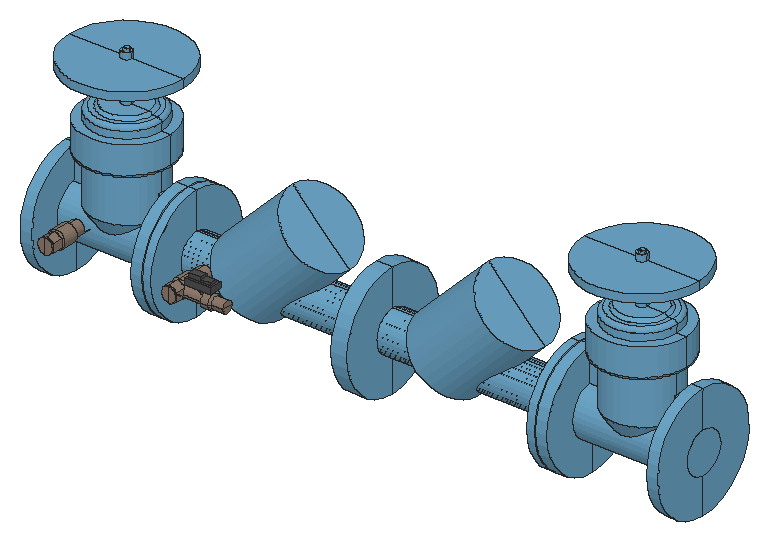
Revit family "Double_Check_Valve_Assembly-Backflow_Prevention-WATTS-LF709_Series (1)", category Pipe Accessories, Revit 2019
Family settings
  Round Connector Dimension = Use Radius
  Part Type = Valve - Breaks Into
  OmniClass Number = 23.65.55.14.21
  OmniClass Title = Non-Return Valves for Liquid Services
  Work Plane-Based = No
  Always vertical = Yes
  Cut with Voids When Loaded = No
  Shared = Yes
Parameters (values of type "LF709NRS-IOT-2.5"")
  Width = 6 5/8"
  Warranty Information = "1 Year (Limited)"
  URL = "http://www.watts.com"
  Strainer Diameter = 4 21/32"
  R - Test Cock Dist. from Center = 4"
  OSY Shutoff Valve = Gate_Valves-Flanged-WATTS-408-OSY-RW_Series : 408-OSYRW 2-1/2"
  OSY = no
  NRS Shutoff Valve = Gate_Valves-WATTS-405-NRS-RW_Series : 405-NRS-RW-2-1/2
  Revised Date = "3/17/16"  # constant formula
  Region = "North America"  # constant formula
  Product data url = "https://bimobject.com/watts/product/7208"
  Product Page URL = "http://www.watts.com/pages/_products_details.asp?pid=7208"
  Product Documentation Link = "https://www.watts.com/dfsmedia/0533dbba17714b1ab581ab07a4cbb521/20396-source/es-lf709l-pdf"
  Price = "Prices may vary. Please consult Manufacturer Representative for most up-to-date price list."  # constant formula
  Nominal Width = 2 3/4"
  Nominal Diameter = 4 243/256"
  NRS = yes
  N - Strainer Height = 10"
  Model = "LF709"  # constant formula
  Max. Working Pressure = "175psi (12.1 bar)"  # constant formula
  Material = "Metal-WATTS-Epoxy Coated Cast Iron"  # constant formula
  Manufacturer Product Line = "Backflow Prevention"  # constant formula
  Manufacturer = "WATTS"
  M - Strainer Length = 10"
  L - Nominal Length = 24 1/8"
  IOT = yes
  D - Radius = 3 1/2"
  C - Height = 9 3/8"
  A - Length = 39 3/8"
  Inlet Radius = 1 1/4"
  Description = "Series LF709 Lead Free* Double Check Valve Assemblies prevent the reverse flow of polluted water from entering into the potable water supply.  It has a modular check design for easy maintenance and epoxy coated (FDA approved) cast iron body construction. Series LF709 is ideal at referenced cross-connections identified in non-health hazard applications. The LF709 features Lead Free* construction to comply with Lead Free* installation requirements.  Maximum Working Pressure: 175psi (12.06 bar)."  # constant formula
  Cylinder Height = 3"
  Creation Date = "2/5/2014"  # constant formula
  Country = "United States"  # constant formula
  Connection Type = "Flanged Connections"  # constant formula
  Connection Size = Cold Water Connection Radius * 2  # 2 1/2"
  Cold Water Connection Radius = 1 1/4"
  Check Valve Diameter = 1"
  CW Connection = yes
  Assembly Code = "F1050"
Reference planes (in)
  plane 1 "Center (Front/Back)": y = 0
  plane 2: z = 0
  plane 3 "Center (Left/Right)": x = 0
  plane 4: z = 1.25
  plane 5: x = -19.6875
  plane 6: x = 19.6875
  plane 7: x = -12.0625
  plane 8: x = 12.0625
  plane 9: z = 3.5
  plane 10: z = 9.375
  plane 11: x = -5.65625
  plane 12: x = -9.8125
  plane 13: x = -1.5
  plane 14: x = 2.25
  plane 15: x = 10.5625
  plane 16: x = 6.40625
  plane 17: x = -29.6875
  plane 18: z = 1.75
  plane 19: z = 1.75
  plane 20: z = -10
  plane 21: y = 3.3125
  plane 22: y = -3.3125
  plane 23: x = -29.6875
  plane 24: x = -19.6875
  plane 25: x = -9.84375
  plane 26: x = 0
  plane 27: x = 9.84375
  plane 28: x = 19.6875
  plane 29: y = -1.98463
  plane 30: y = 1.98463
  plane 31: x = -15.875
  plane 32: x = 15.875
  plane 33: x = -11.5625
  plane 34: x = 11.5625
  plane 35: x = -0.5
  plane 36: x = 0.5
  plane 37: z = 1.25
  plane 38: y = -4
  plane 39: x = -10.0625
  plane 40: x = -17.6875
Forms (in)
  Revolve 1, solid, material "Metal-WATTS-Cast Iron"
    sketch origin (0, 0, 0) x (1, 0, 0) y (0, 0, 1)
      loop
        line (-9.8125, 1.75) -> (-8.0625, 0) -> (-3.90625, 4.15625) -> (-5.65625, 5.90625) -> (-9.8125, 1.75)
      axis (-8.0625, 0) -> (-3.90625, 4.15625)
    angle from 0 to 360
  Revolve 2, solid, material "Metal-WATTS-Cast Iron"
    sketch origin (0, 0, 0) x (1, 0, 0) y (0, 0, 1)
      loop
        line (2.25, 1.75) -> (4, 0) -> (8.15625, 4.15625) -> (6.40625, 5.90625) -> (2.25, 1.75)
      axis (4, 0) -> (8.15625, 4.15625)
    angle from 0 to 360
  Revolve 3, solid, material "Metal-WATTS-Cast Iron"
    sketch origin (0, 0, 0) x (1, 0, 0) y (0, 0, 1)
      loop
        line (-12.0625, 3.5) -> (-12.0625, 0) -> (12.0625, 0) -> (12.0625, 3.5) -> (11.5625, 3.5) -> (11.5625, 1.25) -> (0.5, 1.25) -> (0.5, 3.5) -> (-0.5, 3.5) -> (-0.5, 1.25) -> (-11.5625, 1.25) -> (-11.5625, 3.5) -> (-12.0625, 3.5)
      axis (12.0625, 0) -> (-12.0625, 0)
    angle from 0 to 360
  Extrusion 4, solid, material "Metal-WATTS-Cast Iron"
    sketch origin (0, 0, 0) x (0, 1, 0) y (0, 0, 1)
      loop
        circle (0, 0) r 1.25
    from -19.6875 to 19.6875
Dimensions and locks (in)
  "A - Length": plane 6 to plane 5
  equal spacing: plane 6, plane 3 "Center (Left/Right)", plane 5
  "L - Nominal Length": plane 8 to plane 7
  equal spacing: plane 8, plane 3 "Center (Left/Right)", plane 7
  "D - Radius": plane 9 to level
  "C - Height": plane 10 to level
  "Inlet Radius": plane 4 to level
  locked: plane 12 to plane 7 at 2.25
  locked: plane 13 to plane 3 "Center (Left/Right)" at 1.5
  equal spacing: plane 13, plane 11, plane 12
  locked: plane 14 to plane 3 "Center (Left/Right)" at 2.25
  locked: plane 8 to plane 15 at 1.5
  equal spacing: plane 15, plane 16, plane 14
  "M - Strainer Length": plane 5 to plane 17
  locked: plane 18 to plane 4 at 0.5
  locked: plane 19 to plane 4 at 0.5
  "N - Strainer Height": level to plane 20
  "Width": plane 21 to plane 22
  equal spacing: plane 21, plane 1 "Center (Front/Back)", plane 22
  locked: plane 23 to plane 24 at 10
  locked: plane 24 to plane 25 at 9.84375
  locked: plane 25 to plane 26 at 9.84375
  locked: plane 26 to plane 27 at 9.84375
  locked: plane 27 to plane 28 at 9.84375
  equal spacing: plane 8, plane 32, plane 6
  equal spacing: plane 7, plane 31, plane 5
  locked: plane 33 to plane 7 at 0.5
  locked: plane 34 to plane 8 at 0.5
  locked: plane 35 to plane 26 at 0.5
  locked: plane 36 to plane 26 at 0.5
  "Inlet Radius": plane 37 to plane 2
  "R - Test Cock Dist. from Center": plane 38 to plane 1 "Center (Front/Back)"
  locked: plane 39 to plane 7 at 2
  locked: plane 40 to plane 5 at 2
  "Inlet Radius": radius of Extrusion 4 sketch curve
  locked: level to Revolve 1 sketch curve (angle 45.00°)
  locked: level to Revolve 2 sketch curve (angle 45.00°)
  aligned and locked: plane 18 to Revolve 1 sketch curve
  aligned and locked: plane 12 to Revolve 1 sketch curve
  aligned and locked: plane 11 to Revolve 1 sketch curve
  aligned and locked: level to Revolve 1 sketch curve
  aligned and locked: Revolve 1 sketch curve to Revolve 1 sketch curve
  aligned and locked: plane 14 to Revolve 2 sketch curve
  aligned and locked: level to Revolve 2 sketch curve
  aligned and locked: Revolve 2 sketch curve to Revolve 2 sketch curve
  aligned and locked: plane 26 to plane 3 "Center (Left/Right)"
  aligned and locked: plane 2 to nested 1
  aligned and locked: plane 1 "Center (Front/Back)" to nested 1
  aligned and locked: plane 1 "Center (Front/Back)" to nested 2
  aligned and locked: plane 2 to nested 2
  aligned and locked: plane 31 to nested 1
  aligned and locked: plane 32 to nested 2
  aligned and locked: plane 2 to nested 3
  aligned and locked: plane 1 "Center (Front/Back)" to nested 3
  aligned and locked: nested 4 to plane 2
  aligned and locked: nested 4 to plane 1 "Center (Front/Back)"
  aligned and locked: plane 31 to nested 3
  aligned and locked: plane 32 to nested 4
  aligned and locked: level to Revolve 3 sketch curve
  aligned and locked: Revolve 3 sketch curve to plane 2
  aligned and locked: Revolve 3 sketch curve to plane 7
  aligned and locked: Revolve 3 sketch curve to plane 8
  aligned and locked: Revolve 3 sketch curve to plane 33
  aligned and locked: plane 34 to Revolve 3 sketch curve
  aligned and locked: Revolve 3 sketch curve to plane 35
  aligned and locked: plane 36 to Revolve 3 sketch curve
  aligned and locked: Revolve 3 sketch curve to plane 37  (x2)
  aligned and locked: Revolve 3 sketch curve to plane 9  (x2)
  aligned and locked: plane 9 to Revolve 3 sketch curve
  aligned and locked: plane 2 to Extrusion 4 sketch curve
  aligned and locked: plane 1 "Center (Front/Back)" to Extrusion 4 sketch curve
  aligned and locked: Extrusion 4 to plane 5
  aligned and locked: Extrusion 4 to plane 6
  aligned and locked: plane 1 "Center (Front/Back)" to nested 5
  aligned and locked: nested 6 to plane 38
  aligned and locked: nested 6 to plane 40
  aligned and locked: nested 5 to plane 39
Automatic sketch dimensions
  plane 12 to Revolve 1 sketch curve = 0.75305"
  Revolve 2 sketch curve to plane 16 = 0"
  Revolve 2 sketch curve to plane 19 = 0"
  plane 14 to Revolve 2 sketch curve = 0.68934"
  Revolve 3 sketch curve to plane 5 = 5"
  Revolve 3 sketch curve to plane 17 = 11"
Nested families (in)
  nested 1: "Gate_Valves-WATTS-405-NRS-RW_Series" at (-15.875, 0, 0), type <- "NRS Shutoff Valve", visible <- "NRS", NRS <- "NRS", type "405-NRS-RW-2-1/2"
    with NRS yes
  nested 2: "Gate_Valves-WATTS-405-NRS-RW_Series" at (15.875, 0, 0), type <- "NRS Shutoff Valve", visible <- "NRS", NRS <- "NRS", type "405-NRS-RW-2-1/2"
    with NRS yes
  nested 3: "Gate_Valves-Flanged-WATTS-408-OSY-RW_Series" at (-15.875, 0, 0), type <- "OSY Shutoff Valve", visible <- "OSY", OSY <- "OSY", type "408-OSYRW 2-1/2""
    with OSY no
  nested 4: "Gate_Valves-Flanged-WATTS-408-OSY-RW_Series" at (15.875, 0, 0) x (-1, 0, 0) z (0, 0, 1), type <- "OSY Shutoff Valve", visible <- "OSY", OSY <- "OSY", type "408-OSYRW 2-1/2""
    with OSY no
  nested 5: "Test Cock (Horizontal) with Pressure Sensor" at (-10.0625, 0, 0) x (0, -1, 0) z (0, 0, 1), Length <- "R - Test Cock Dist. from Center", type "Test Cock (Horizontal) with Pressure Sensor"
    with Length 4"
  nested 6: "Test Cock (Horizontal)" at (-17.6875, 0, 0) x (0, -1, 0) z (0, 0, 1), Length <- "R - Test Cock Dist. from Center", type "Test Cock (Horizontal)"
    with Length 4"
Connectors (in)
  piping at (19.6875, 0, 0), diameter 2.5, driven by "Inlet Radius"
    settings: on Extrusion 4, index 1, connector inside diameter 24", connector length 0", flow factor 0, pipe flow 0 GPM, pressure drop 0.00 psi, fitting loss kfactor 0, connector angle 0.00°, fixture units 0, engagement length 0", angle of deflection 0.00°, flow configuration 0, flow direction 2, fitting loss method 0, system type 29, joint type 0, gender type 0, connector reference index 2, connector utility 0, adjustable connector no, is connector primary yes, connector description "Outlet Connection"
  piping at (-19.6875, 0, 0), diameter 2.5, driven by "Inlet Radius"
    settings: on Extrusion 4, index 2, connector inside diameter 24", connector length 0", flow factor 0, pipe flow 0 GPM, pressure drop 0.00 psi, fitting loss kfactor 0, connector angle 0.00°, fixture units 0, engagement length 0", angle of deflection 0.00°, flow configuration 0, flow direction 1, fitting loss method 0, system type 29, joint type 0, gender type 0, connector reference index 1, connector utility 0, adjustable connector no, is connector primary no, connector description "Inlet Connection"
Definition of nested family "Gate_Valves-WATTS-405-NRS-RW_Series"
  Parameters (values of type "405-NRS-RW-10")
    Warranty Information = "1 Year (Limited)"  # constant formula
    Region = "North America"  # constant formula
    Product data url = "https://bimobject.com/watts/product/NRS-Flanged-Gate-Valves-405-NRS-RW"
    Product Page URL = "https://www.watts.com/products/plumbing-flow-control-solutions/shutoff-valves/gate-valves/405-nrs-rw"
    Product Guid = "3af36359-f991-47c2-af3f-8f932cc5cb70"
    Product Documentation Link = "https://www.watts.com/dfsmedia/0533dbba17714b1ab581ab07a4cbb521/20237-source"
    NRS [instance] = yes
    Maximum Temperature = "140°F (60°C)"  # constant formula
    Max. Working Pressure = "200psi (14 bar) CWP"  # constant formula
    Material = "Metal-Watts-Cast Iron"  # constant formula
    Manufacturer Product Line = "Water Safety & Flow Control"  # constant formula
    Edition number = 1
    Connection Type = "Flanged"  # constant formula
    Connection Outlet Description = "10\" Outlet Flanged Connection"
    Connection Inlet Description = "10\" Inlet Flanged Connection"
    Body Width X = (Width Inlet to Outlet L / 2) - (1.5 * Flange Thickness T)  # 4 23/32"
    Hand Wheel W = 12 7/16"
    URL = "http://www.watts.com"
    Flange Thickness T = 1 3/16"
    Size Radius = Size Diameter / 2  # 5"
    Size Diameter = 10"
    Stem Width S = 1 1/4"
    Revised Date = "02/04/2019"  # constant formula
    Model = "405-NRS-RW-10"
    Manufacturer = "WATTS"  # constant formula
    Width Inlet to Outlet L = 13"
    Center To Top H = 23 13/16"
    Description = "Series 405-NRS-RW Non-Rising Stem, Resilient Wedge, Flanged Gate Valves Sizes 2\" – 12\" (50 – 300mm) – Epoxy Coated Series 405-NRS-RW Non-Rising Stem Resilient Wedge Gate Valves are available in sizes 2\"-12\" (50-300mm) flanged by flanged and 21 /2\"-10\" (65-250mm) flanged by grooved configurations. The valve body is epoxy coated internally and externally. The valve is operated by a Handwheel or a valve key. The resilient wedge disc design offers both positive seating and resistance against high differential pressure. The Series 405-NRS-RW is best suited for ervice in either the fully open or closed position but is suitable for use as a throttling valve. This series is recommended for irrigation, potable water, water distribution service, feed lines and sewage disposal facilities."
    Flange Diameter D = 16"
    Assembly Code = "D2020300"
  Types (8): name | Connection Outlet Description | Connection Inlet Description | Body Width X | Hand Wheel W | Flange Thickness T | Size Radius | Size Diameter | Stem Width S | Model | Width Inlet to Outlet L | Center To Top H | Flange Diameter D
    405-NRS-RW-2 | "2\" Outlet Flanged Connection" | "2\" Inlet Flanged Connection" | 2 9/16" | 7 1/16" | 5/8" | 1" | 2" | 5/8" | "405-NRS-RW-2" | 7" | 7 15/16" | 6"
    405-NRS-RW-3 | "3\" Outlet Flanged Connection" | "3\" Inlet Flanged Connection" | 2 7/8" | 7 7/8" | 3/4" | 1 1/2" | 3" | 11/16" | "405-NRS-RW-3" | 8" | 10 1/4" | 7 1/2"
    405-NRS-RW-4 | "4\" Outlet Flanged Connection" | "4\" Inlet Flanged Connection" | 3 3/32" | 8 13/16" | 15/16" | 2" | 4" | 13/16" | "405-NRS-RW-4" | 9" | 12 3/16" | 9"
    405-NRS-RW-6 | "6\" Outlet Flanged Connection" | "6\" Inlet Flanged Connection" | 3 3/4" | 11" | 1" | 3" | 6" | 15/16" | "405-NRS-RW-6" | 10 1/2" | 16" | 11"
    405-NRS-RW-8 | "8\" Outlet Flanged Connection" | "8\" Inlet Flanged Connection" | 4 1/16" | 11" | 1 1/8" | 4" | 8" | 1" | "405-NRS-RW-8" | 11 1/2" | 19 15/16" | 13 1/2"
    405-NRS-RW-10 | "10\" Outlet Flanged Connection" | "10\" Inlet Flanged Connection" | 4 23/32" | 12 7/16" | 1 3/16" | 5" | 10" | 1 1/4" | "405-NRS-RW-10" | 13" | 23 13/16" | 16"
    405-NRS-RW-12 | "12\" Outlet Flanged Connection" | "12\" Inlet Flanged Connection" | 5 1/8" | 14" | 1 1/4" | 6" | 12" | 1 1/4" | "405-NRS-RW-12" | 14" | 28 3/16" | 19"
    405-NRS-RW-2-1/2 | "2 1/2\" Outlet Flanged Connection" | "2 1/2\" Inlet Flanged Connection" | 2 23/32" | 7 1/16" | 11/16" | 1 1/4" | 2 1/2" | 5/8" | "405-NRS-RW-2" | 7 1/2" | 9 3/8" | 7"
  Reference planes (in)
    plane 1 "Center (Front/Back)": y = 0
    plane 2: z = 0
    plane 3 "Center (Left/Right)": x = 0
    plane 4: z = -8
    plane 5: z = 8
    plane 6 "Top": z = 23.8125
    plane 7: z = 5
    plane 8: z = -5
    plane 9: x = 6.5
    plane 10: x = -6.5
    plane 11: x = -5.3125
    plane 12: x = 5.3125
    plane 13: x = 0.625
    plane 14: x = -0.625
    plane 15: x = 6.21875
    plane 16: x = -6.21875
    plane 17: x = -4.71875
    plane 18: z = 9.1875
    plane 19: y = 5
    plane 20: y = -5
    plane 21: z = 0
    plane 22: x = 0
  Forms (in)
    Revolve 1, solid, visible <- "NRS"
      sketch origin (0, 0, 0) x (1, 0, 0) y (0, 0, 1)
        loop
          line (-6.5, -8) -> (-5.3125, -8) -> (-5.3125, -5.3125) -> (5.3125, -5.3125) -> (5.3125, -8) -> (6.5, -8) -> (6.5, -5) -> (-6.5, -5) -> (-6.5, -8)
        axis (-6.5, 0) -> (6.5, 0)
      angle from 0 to 360
    Revolve 2, solid, visible <- "NRS"
      sketch origin (0, 0, 0) x (1, 0, 0) y (0, 0, 1)
        loop
          line (-4.15625, 9.1875) -> (-4.15625, 5) -> (-1.6554, 0) -> (0, 0) -> (0, 24.28469) -> (-0.47972, 24.28469) -> (-0.47972, 24.14964) -> (-0.625, 24.14964) -> (-0.625, 23.8125) -> (-6.21875, 23.8125) -> (-6.21875, 23.31555) -> (-0.625, 23.31555) -> (-0.625, 11.86491) -> (-3.41017, 11.86491) -> (-3.58695, 11.68813) -> (-3.89945, 11.68813)
          arc (-3.89945, 11.68813) -> (-4.07622, 11.61491) -> (-4.14945, 11.43813) r 0.25
          line (-4.14945, 11.43813) -> (-4.14945, 11.00452) -> (-4.71875, 11.00452) -> (-4.71875, 9.3125)
          arc (-4.71875, 9.3125) -> (-4.68214, 9.22411) -> (-4.59375, 9.1875) r 0.125
          line (-4.59375, 9.1875) -> (-4.15625, 9.1875)
        axis (0, 24.28469) -> (0, 0)
      angle from 0 to 360
    Extrusion 3, solid, visible <- "NRS"
      sketch origin (0, 0.25, 0) x (1, 0, 0) y (0, 0, 1)
        loop
          line (-5.3125, 5) -> (5.3125, 5) -> (5.3125, 7.16204) -> (-5.3125, 7.16204) -> (-5.3125, 5)
      from 0 to 0.5
  Lines and regions (in)
    Masking region 1, detail levels fine
      outline origin (0, 0, 23.8125) x (-1, 0, 0) y (0, -1, 0)
        loop
          line (6.5, -8) -> (6.5, 8) -> (5.3125, 8) -> (5.3125, 5.3125) -> (-5.3125, 5.3125) -> (-5.3125, 8) -> (-6.5, 8) -> (-6.5, -8) -> (-5.3125, -8) -> (-5.3125, -5.31384) -> (5.3125, -5.31384) -> (5.3125, -8) -> (6.5, -8)
    Masking region 2, detail levels fine
      outline origin (0, 0, 23.8125) x (-1, 0, 0) y (0, -1, 0)
        loop
          circle (0, 0) r 6.21875
    model lines, visible <- "NRS", detail levels coarse+medium
      curve 1: line (-6.5, 0, 0) -> (-1.35946, 0, 0)
      curve 2: line (1.35946, 0, 0) -> (6.5, 0, 0)
      curve 3: line (-6.5, 1, 0) -> (-6.5, -1, 0)
      curve 4: line (6.5, 1, 0) -> (6.5, -1, 0)
      curve 5: line (0, 0, 0) -> (-1.35946, 0.63393, 0)
      curve 6: line (0, 0, 0) -> (-1.35946, -0.63393, 0)
      curve 7: line (-1.35946, 0.63393, 0) -> (-1.35946, -0.63393, 0)
      curve 8: line (0, 0, 0) -> (1.35946, 0.63393, 0)
      curve 9: line (0, 0, 0) -> (1.35946, -0.63393, 0)
      curve 10: line (1.35946, 0.63393, 0) -> (1.35946, -0.63393, 0)
      curve 11: line (0, 0, 0) -> (0, 1, 0)
      curve 12: line (-0.5, 1, 0) -> (0.5, 1, 0)
      curve 13: arc (-0.5, 1, 0) -> (0, 1.5, 0) -> (0.5, 1, 0) r 0.5
  Dimensions and locks (in)
    "Hand Wheel W": plane 16 to plane 15
    "Center To Top H": plane 6 "Top" to level
    "Stem Width S": plane 14 to plane 13
    equal spacing: plane 10, plane 3 "Center (Left/Right)", plane 9
    "Flange Thickness T": plane 10 to plane 11
    "Flange Thickness T": plane 9 to plane 12
    "Flange Diameter D": plane 5 to plane 4
    equal spacing: plane 5, level, plane 4
    "Width Inlet to Outlet L": plane 10 to plane 9
    equal spacing: plane 16, plane 3 "Center (Left/Right)", plane 15
    "Size Diameter": plane 7 to plane 8
    "Body Width X": plane 3 "Center (Left/Right)" to plane 17
    "Flange Thickness T": plane 18 to plane 5
    equal spacing: plane 7, plane 2, plane 8
    equal spacing: plane 14, plane 3 "Center (Left/Right)", plane 13
    equal spacing: Masking region 1 sketch curve, plane 1 "Center (Front/Back)", Masking region 1 sketch curve
    "Flange Diameter D": Masking region 1 sketch curve to Masking region 1 sketch curve
    locked: plane 20 to Masking region 1 sketch curve at 0.3125
    locked: Masking region 1 sketch curve to plane 19 at 0.31384
    "Size Radius": plane 1 "Center (Front/Back)" to plane 20
    equal spacing: plane 19, plane 1 "Center (Front/Back)", plane 20
    aligned and locked: Revolve 1 sketch curve to plane 2
    aligned and locked: Revolve 1 sketch curve to plane 8
    aligned and locked: plane 4 to Revolve 1 sketch curve
    aligned and locked: plane 11 to Revolve 1 sketch curve
    aligned and locked: plane 12 to Revolve 1 sketch curve
    aligned and locked: Revolve 1 sketch curve to plane 4
    aligned and locked: Revolve 1 sketch curve to plane 9
    aligned and locked: Revolve 1 sketch curve to plane 10
    aligned and locked: plane 14 to Revolve 2 sketch curve  (x2)
    aligned and locked: Revolve 2 sketch curve to plane 6 "Top"
    aligned and locked: plane 16 to Revolve 2 sketch curve
    aligned and locked: plane 2 to Revolve 2 sketch curve
    aligned and locked: plane 11 to Extrusion 3 sketch curve
    aligned and locked: Extrusion 3 sketch curve to plane 7
    aligned and locked: Extrusion 3 sketch curve to plane 12
    aligned and locked: plane 17 to Revolve 2 sketch curve
    aligned and locked: plane 18 to Revolve 2 sketch curve
    aligned and locked: curve 7 to curve 1
    aligned and locked: curve 3 to curve 1
    aligned and locked: curve 4 to curve 2
    aligned and locked: curve 10 to curve 2
    aligned and locked: plane 10 to curve 3
    aligned and locked: curve 4 to plane 9
    aligned and locked: plane 3 "Center (Left/Right)" to curve 11
    aligned and locked: plane 1 "Center (Front/Back)" to curve 11
    aligned and locked: curve 12 to curve 11
    aligned and locked: plane 10 to Masking region 1 sketch curve
    aligned and locked: Masking region 1 sketch curve to plane 9
    aligned and locked: plane 11 to Masking region 1 sketch curve
    aligned and locked: Masking region 1 sketch curve to plane 12
    aligned and locked: Masking region 1 sketch curve to Masking region 1 sketch curve  (x2)
    aligned and locked: Masking region 2 sketch curve to Revolve 2
    aligned and locked: plane 3 "Center (Left/Right)" to plane 22
  Automatic sketch dimensions
    Revolve 1 sketch curve to plane 11 = 1.0995"
    Revolve 1 sketch curve to Revolve 1 sketch curve = 0.42022"
    Revolve 1 sketch curve to plane 8 = 5/16"
    Extrusion 3 sketch curve to plane 5 = 0.83796"
    Revolve 2 sketch curve to plane 7 = 0"
    Revolve 2 sketch curve to plane 3 "Center (Left/Right)" = 0"  (x2)
    plane 17 to Revolve 2 sketch curve = 1/8"
    plane 17 to Revolve 2 sketch curve = 9/16"
    Revolve 2 sketch curve to Revolve 2 sketch curve = 0.5693"
    Revolve 2 sketch curve to Revolve 2 sketch curve = 1/4"
    Revolve 2 sketch curve to Revolve 2 sketch curve = 5/16"
    Revolve 2 sketch curve to Revolve 2 sketch curve = 0.17678"  (x2)
    plane 14 to Revolve 2 sketch curve = 1.0304"
    Revolve 2 sketch curve to Revolve 2 sketch curve = 0.14528"
    Revolve 2 sketch curve to Revolve 2 sketch curve = 0.43362"
    Revolve 2 sketch curve to plane 6 "Top" = 0.49695"
    Revolve 2 sketch curve to Revolve 2 sketch curve = 0.33714"
    Revolve 2 sketch curve to Revolve 2 sketch curve = 0.13504"
    Revolve 2 sketch curve to Revolve 2 sketch curve = 1.14272"
    Revolve 2 sketch curve to Revolve 2 sketch curve = 1/2"
    plane 1 "Center (Front/Back)" to curve 1 = 0"
    curve 13 to plane 3 "Center (Left/Right)" = 0"
    plane 1 "Center (Front/Back)" to curve 2 = 0"
    plane 14 to curve 7 = 0.73446"
    plane 13 to curve 10 = 0.73446"
    plane 1 "Center (Front/Back)" to curve 6 = 0.63393"
    plane 1 "Center (Front/Back)" to curve 10 = 0.63393"
    curve 2 to curve 8 = 0.63393"
    curve 1 to curve 5 = 0.63393"
    curve 5 to curve 13 = 0.36607"
    curve 13 to plane 14 = 1/8"
    plane 1 "Center (Front/Back)" to curve 3 = 1"
    plane 1 "Center (Front/Back)" to curve 4 = 1"
    curve 2 to curve 4 = 1"
    curve 1 to curve 3 = 1"
    Revolve 2 sketch curve to Revolve 2 sketch curve = 1.69202"
    Revolve 2 sketch curve to plane 10 = 9/32"
    Masking region 1 sketch curve to plane 12 = 0"
    Masking region 1 sketch curve to plane 11 = 0"
  Connectors (in)
    piping at (6.5, 0, 0), diameter 10, driven by "Size Radius", driven by "Connection Outlet Description"
      settings: on Revolve 1, index 2, connector inside diameter 6", connector length 0", flow factor 0, pipe flow 0 GPM, pressure drop 0.00 psi, fitting loss kfactor 0, connector angle 0.00°, fixture units 0, engagement length 0", angle of deflection 0.00°, flow configuration 0, flow direction 2, fitting loss method 0, system type 29, joint type 0, gender type 0, connector reference index 3, connector utility 0, adjustable connector no, is connector primary yes, connector description "10\" Outlet Flanged Connection"
    piping at (-6.5, 0, 0), diameter 10, driven by "Size Radius", driven by "Connection Inlet Description"
      settings: on Revolve 1, index 3, connector inside diameter 6", connector length 0", flow factor 0, pipe flow 0 GPM, pressure drop 0.00 psi, fitting loss kfactor 0, connector angle 0.00°, fixture units 0, engagement length 0", angle of deflection 0.00°, flow configuration 0, flow direction 1, fitting loss method 0, system type 29, joint type 0, gender type 0, connector reference index 2, connector utility 0, adjustable connector no, is connector primary no, connector description "10\" Inlet Flanged Connection"
Definition of nested family "Test Cock (Horizontal) with Pressure Sensor"
  Parameters (values of type "Test Cock (Horizontal) with Pressure Sensor")
    Length [instance] = 4"
  Reference planes (in)
    plane 1 "Center (Front/Back)": y = 0
    plane 2: z = 0
    plane 3 "Center (Left/Right)": x = 0
    plane 4: y = 0.66107
    plane 5: y = 2.23107
    plane 6: y = 1.44607
    plane 7: x = 2.80229
    plane 8: x = 3.19729
    plane 9: x = 3.59229
    plane 10: x = 3.41698
    plane 11: x = 2.9776
    plane 12: x = 4
    plane 13: x = 2.80229
    plane 14: x = 3.59229
    plane 15: x = 3.41698
    plane 16: x = 2.9776
  Forms (in)
    Revolve 1, solid, detail levels fine
      sketch origin (0, 0, 0) x (0, 0, -1) y (1, 0, 0)
        loop
          line (0, 4) -> (0, 0) -> (0.42528, 0) -> (0.42528, 2.24) -> (0.54, 2.24) -> (0.54, 3.15728) -> (0.44126, 3.25601) -> (0.44126, 4) -> (0, 4)
        axis (0, 0) -> (0, 4)
      angle from 0 to 360
    Extrusion 2, solid, detail levels fine
      sketch origin (-1.54977, 0, 0) x (0, 0, -1) y (0, 1, 0)
        loop
          line (-0.25476, 0.44126) -> (-0.50953, 0) -> (-0.25476, -0.44126) -> (0.25476, -0.44126) -> (0.50953, 0) -> (0.25476, 0.44126) -> (-0.25476, 0.44126)
      from 4.83977 to 5.47
    Revolve 3, solid, detail levels fine
      sketch origin (3.19729, -1.74718, 0) x (1, 0, 0) y (0, 1, 0)
        loop
          line (0, 4.69269) -> (0, 1.64147) -> (0.3159, 1.64147) -> (0.3159, 3.3975) -> (0.43063, 3.3975) -> (0.43063, 3.84603) -> (0.33189, 3.94476) -> (0.33189, 4.69269) -> (0, 4.69269)
        axis (0, 1.64147) -> (0, 4.69269)
      angle from 0 to 360
    Extrusion 4, solid
      sketch origin (0.75, 0.125, 0) x (0, 1, 0) y (0, 0, 1)
        loop
          line (0.53607, 1) -> (0.53607, 0.62835) -> (2.10607, 0.62835) -> (2.10607, 1) -> (0.53607, 1)
      from 2.05229 to 2.84229
    Extrusion 5, solid
      sketch origin (0.75, 0.125, 0) x (0, 1, 0) y (0, 0, 1)
        loop
          line (0.63978, 1) -> (1.9601, 1) -> (1.9601, 1.13191) -> (1.38978, 1.13191) -> (1.38978, 1.25) -> (0.63978, 1.25) -> (0.63978, 1)
      from 2.2276 to 2.66698
    Revolve 6, solid
      sketch origin (3.19729, 0.125, 0) x (0, 1, 0) y (0, 0, 1)
        loop
          line (1.1799, 0) -> (1.32107, 0) -> (1.32107, 0.62835) -> (1.0689, 0.62835) -> (1.0689, 0.49369) -> (1.1799, 0.49369) -> (1.1799, 0)
        axis (1.32107, 0.62835) -> (1.32107, 0)
      angle from 0 to 360
    Revolve 7, solid, not visible, detail levels fine
      sketch origin (3.19729, -1.74718, 0) x (0, 0, -1) y (0, 1, 0)
        loop
          line (0, 4.68875) -> (0, 1.64147) -> (0.3159, 1.64147) -> (0.3159, 3.3975) -> (0.43063, 3.3975) -> (0.43063, 3.84603) -> (0.33189, 3.94476) -> (0.33189, 4.68875) -> (0, 4.68875)
        axis (0, 1.64147) -> (0, 4.68875)
      angle from 0 to 360
    Extrusion 8, solid, not visible
      sketch origin (0.75, 0.125, 0) x (0, 1, 0) y (0, 0, 1)
        loop
          line (0.53607, 1) -> (0.53607, 0.62835) -> (2.10607, 0.62835) -> (2.10607, 1) -> (0.53607, 1)
      from 2.05229 to 2.84229
    Extrusion 9, solid, not visible
      sketch origin (0.75, 0.125, 0) x (0, 1, 0) y (0, 0, 1)
        loop
          line (0.63978, 1) -> (1.9601, 1) -> (1.9601, 1.13191) -> (1.38978, 1.13191) -> (1.38978, 1.25) -> (0.63978, 1.25) -> (0.63978, 1)
      from 2.2276 to 2.66698
    Revolve 10, solid, not visible
      sketch origin (3.19729, 0.125, 0) x (0, 1, 0) y (0, 0, 1)
        loop
          line (1.1799, 0) -> (1.32107, 0) -> (1.32107, 0.62835) -> (1.0689, 0.62835) -> (1.0689, 0.49369) -> (1.1799, 0.49369) -> (1.1799, 0)
        axis (1.32107, 0.62835) -> (1.32107, 0)
      angle from 0 to 360
  Cuts and joins
    joined: Revolve 1, Extrusion 2
  Dimensions and locks (in)
    "Length": plane 3 "Center (Left/Right)" to plane 12
    plane 12 to Revolve 1 sketch curve to Revolve 1 sketch curve to Revolve 1 sketch curve = 0.74399" locked, 0.09874" locked, 0.91728" locked
    locked: plane 8 to plane 12 at 0.80271
    plane 8 to Revolve 3 sketch curve to Revolve 3 sketch curve to Revolve 3 sketch curve = 0.3159" locked, 0.01599" locked, 0.09874" locked
    plane 7 to plane 11 to plane 10 to plane 9 to plane 12 = 0.17531" locked, 0.43938" locked, 0.17531" locked, 0.40771" locked
    aligned and locked: plane 2 to level
    aligned and locked: Revolve 1 sketch curve to plane 12
    aligned and locked: plane 8 to Revolve 3 sketch curve
    aligned and locked: Extrusion 5 to plane 10
    aligned and locked: Extrusion 5 to plane 11
    aligned and locked: Extrusion 4 to plane 9
    aligned and locked: Extrusion 4 to plane 7
    aligned and locked: plane 8 to Revolve 6
  Automatic sketch dimensions
    Extrusion 2 sketch curve to plane 1 "Center (Front/Back)" = 0"  (x2)
    level to Extrusion 2 sketch curve = 0.50953"
    level to Extrusion 2 sketch curve = 0.25476"  (x2)
    Extrusion 2 sketch curve to level = 0.25476"  (x2)
    Extrusion 2 sketch curve to level = 0.50953"
    plane 1 "Center (Front/Back)" to Extrusion 2 sketch curve = 0.44126"
    Extrusion 2 sketch curve to plane 4 = 0.21981"
    Extrusion 4 sketch curve to Extrusion 4 sketch curve = 0.37165"
    Extrusion 5 sketch curve to Extrusion 5 sketch curve = 0.13191"
    Extrusion 5 sketch curve to Extrusion 5 sketch curve = 1/4"
    Revolve 6 sketch curve to Revolve 6 sketch curve = 0.14117"
    Revolve 6 sketch curve to Revolve 6 sketch curve = 0.111"
    Revolve 6 sketch curve to Revolve 6 sketch curve = 0.49369"
    Revolve 6 sketch curve to Revolve 6 sketch curve = 0.13466"
    Revolve 6 sketch curve to Revolve 6 sketch curve = 0.55717"
    Revolve 1 sketch curve to level = 0"  (x2)
    Revolve 1 sketch curve to plane 3 "Center (Left/Right)" = 0"
    Revolve 1 sketch curve to level = 0.42528"
    Revolve 1 sketch curve to level = 0.44126"
    Revolve 1 sketch curve to Revolve 1 sketch curve = 0.11472"
    Revolve 1 sketch curve to Revolve 1 sketch curve = 2.14801"
    Revolve 1 sketch curve to Revolve 1 sketch curve = 3/4"
    Extrusion 4 sketch curve to Extrusion 4 sketch curve = 1.57"
    Extrusion 5 sketch curve to Extrusion 5 sketch curve = 3/4"
    Extrusion 5 sketch curve to Extrusion 5 sketch curve = 73/128"
    Revolve 6 sketch curve to Revolve 6 sketch curve = 0"
    Revolve 6 sketch curve to Revolve 6 sketch curve = 1/2"
    Revolve 7 sketch curve to Revolve 7 sketch curve = 0.33189"
    Revolve 7 sketch curve to Revolve 7 sketch curve = 0.11472"
    Revolve 7 sketch curve to Revolve 7 sketch curve = 1.45926"
    Revolve 7 sketch curve to Revolve 7 sketch curve = 3/4"
    Extrusion 8 sketch curve to Extrusion 8 sketch curve = 0.37165"
    Extrusion 9 sketch curve to Extrusion 9 sketch curve = 0.13191"
    Extrusion 9 sketch curve to Extrusion 9 sketch curve = 1/4"
    Revolve 10 sketch curve to Revolve 10 sketch curve = 0.14117"
    Revolve 10 sketch curve to Revolve 10 sketch curve = 0.111"
    Revolve 10 sketch curve to Revolve 10 sketch curve = 0.49369"
    Revolve 10 sketch curve to Revolve 10 sketch curve = 0.13466"
    Revolve 10 sketch curve to Revolve 10 sketch curve = 0.55717"
    Revolve 7 sketch curve to Revolve 7 sketch curve = 0.3159"
    Revolve 7 sketch curve to Revolve 7 sketch curve = 1.75603"
    Revolve 7 sketch curve to Revolve 7 sketch curve = 0.44853"
    Revolve 7 sketch curve to Revolve 7 sketch curve = 0.09874"
    Revolve 7 sketch curve to Revolve 7 sketch curve = 0.74399"
    Revolve 7 sketch curve to Revolve 7 sketch curve = 0"
    Extrusion 8 sketch curve to Extrusion 8 sketch curve = 1.57"
    Extrusion 9 sketch curve to Extrusion 9 sketch curve = 3/4"
    Extrusion 9 sketch curve to Extrusion 9 sketch curve = 73/128"
    Revolve 10 sketch curve to Revolve 10 sketch curve = 0"
    Revolve 10 sketch curve to Revolve 10 sketch curve = 1/2"
    Extrusion 4 sketch curve to plane 4 = 0"
    level to Extrusion 4 sketch curve = 0.62835"
    plane 4 to Extrusion 5 sketch curve = 0.10371"
    level to Extrusion 5 sketch curve = 1"
    Revolve 6 sketch curve to level = 0"
    Revolve 6 sketch curve to plane 6 = 0"
    Revolve 3 sketch curve to plane 8 = 0"
    plane 1 "Center (Front/Back)" to Revolve 3 sketch curve = 0.10571"
    plane 6 to Revolve 3 sketch curve = 0.20425"
    Revolve 3 sketch curve to plane 5 = 0.13222"
    Revolve 3 sketch curve to plane 5 = 0.03349"
    plane 5 to Revolve 3 sketch curve = 0.71444"
    Revolve 3 sketch curve to Revolve 3 sketch curve = 1.45532"
    Revolve 3 sketch curve to Revolve 3 sketch curve = 3/4"
Definition of nested family "Test Cock (Horizontal)"
  Parameters (values of type "Test Cock (Horizontal)")
    Length [instance] = 4"
  Reference planes (in)
    plane 1 "Center (Front/Back)": y = 0
    plane 2: z = 0
    plane 3 "Center (Left/Right)": x = 0
    plane 4: y = 0.66107
    plane 5: x = 4
    plane 6 "Center (Front/Back)": y = 0
    plane 7: y = 0.66107
    plane 8: y = 2.23107
    plane 9: y = 1.44607
    plane 10: x = 2.80229
    plane 11: x = 3.59229
    plane 12: x = 3.41698
    plane 13: x = 2.9776
  Forms (in)
    Revolve 1, solid, detail levels fine
      sketch origin (0, 0, 0) x (0, 0, -1) y (1, 0, 0)
        loop
          line (0, 4) -> (0, 0) -> (0.42528, 0) -> (0.42528, 2.24) -> (0.54, 2.24) -> (0.54, 3.15728) -> (0.44126, 3.25601) -> (0.44126, 4) -> (0, 4)
        axis (0, 0) -> (0, 4)
      angle from 0 to 360
    Extrusion 2, solid, detail levels fine
      sketch origin (-1.54977, 0, 0) x (0, 0, -1) y (0, 1, 0)
        loop
          line (-0.25476, 0.44126) -> (-0.50953, 0) -> (-0.25476, -0.44126) -> (0.25476, -0.44126) -> (0.50953, 0) -> (0.25476, 0.44126) -> (-0.25476, 0.44126)
      from 4.83977 to 5.47
    Revolve 3, solid, not visible, detail levels fine
      sketch origin (3.19729, -1.74718, 0) x (0, 0, -1) y (0, 1, 0)
        loop
          line (0, 4.68875) -> (0, 1.64147) -> (0.3159, 1.64147) -> (0.3159, 3.3975) -> (0.43063, 3.3975) -> (0.43063, 3.84603) -> (0.33189, 3.94476) -> (0.33189, 4.68875) -> (0, 4.68875)
        axis (0, 1.64147) -> (0, 4.68875)
      angle from 0 to 360
    Extrusion 4, solid, not visible
      sketch origin (0.75, 0.125, 0) x (0, 1, 0) y (0, 0, 1)
        loop
          line (0.53607, 1) -> (0.53607, 0.62835) -> (2.10607, 0.62835) -> (2.10607, 1) -> (0.53607, 1)
      from 2.05229 to 2.84229
    Extrusion 5, solid, not visible
      sketch origin (0.75, 0.125, 0) x (0, 1, 0) y (0, 0, 1)
        loop
          line (0.63978, 1) -> (1.9601, 1) -> (1.9601, 1.13191) -> (1.38978, 1.13191) -> (1.38978, 1.25) -> (0.63978, 1.25) -> (0.63978, 1)
      from 2.2276 to 2.66698
    Revolve 6, solid, not visible
      sketch origin (3.19729, 0.125, 0) x (0, 1, 0) y (0, 0, 1)
        loop
          line (1.1799, 0) -> (1.32107, 0) -> (1.32107, 0.62835) -> (1.0689, 0.62835) -> (1.0689, 0.49369) -> (1.1799, 0.49369) -> (1.1799, 0)
        axis (1.32107, 0.62835) -> (1.32107, 0)
      angle from 0 to 360
  Cuts and joins
    joined: Revolve 1, Extrusion 2
  Dimensions and locks (in)
    "Length": plane 3 "Center (Left/Right)" to plane 5
    plane 5 to Revolve 1 sketch curve to Revolve 1 sketch curve to Revolve 1 sketch curve = 0.74399" locked, 0.09874" locked, 0.91728" locked
    aligned and locked: plane 2 to level
    aligned and locked: Revolve 1 sketch curve to plane 5
  Automatic sketch dimensions
    Extrusion 2 sketch curve to plane 1 "Center (Front/Back)" = 0"  (x2)
    level to Extrusion 2 sketch curve = 0.50953"
    level to Extrusion 2 sketch curve = 0.25476"  (x2)
    Extrusion 2 sketch curve to level = 0.25476"  (x2)
    Extrusion 2 sketch curve to level = 0.50953"
    plane 1 "Center (Front/Back)" to Extrusion 2 sketch curve = 0.44126"
    Extrusion 2 sketch curve to plane 4 = 0.21981"
    Revolve 1 sketch curve to level = 0"  (x2)
    Revolve 1 sketch curve to plane 3 "Center (Left/Right)" = 0"
    Revolve 1 sketch curve to level = 0.42528"
    Revolve 1 sketch curve to level = 0.44126"
    Revolve 1 sketch curve to Revolve 1 sketch curve = 0.11472"
    Revolve 1 sketch curve to Revolve 1 sketch curve = 2.14801"
    Revolve 1 sketch curve to Revolve 1 sketch curve = 3/4"
    Revolve 3 sketch curve to Revolve 3 sketch curve = 0.33189"
    Revolve 3 sketch curve to Revolve 3 sketch curve = 0.11472"
    Revolve 3 sketch curve to Revolve 3 sketch curve = 1.45926"
    Revolve 3 sketch curve to Revolve 3 sketch curve = 3/4"
    Extrusion 4 sketch curve to Extrusion 4 sketch curve = 0.37165"
    Extrusion 5 sketch curve to Extrusion 5 sketch curve = 0.13191"
    Extrusion 5 sketch curve to Extrusion 5 sketch curve = 1/4"
    Revolve 6 sketch curve to Revolve 6 sketch curve = 0.14117"
    Revolve 6 sketch curve to Revolve 6 sketch curve = 0.111"
    Revolve 6 sketch curve to Revolve 6 sketch curve = 0.49369"
    Revolve 6 sketch curve to Revolve 6 sketch curve = 0.13466"
    Revolve 6 sketch curve to Revolve 6 sketch curve = 0.55717"
    Revolve 3 sketch curve to Revolve 3 sketch curve = 0.3159"
    Revolve 3 sketch curve to Revolve 3 sketch curve = 1.75603"
    Revolve 3 sketch curve to Revolve 3 sketch curve = 0.44853"
    Revolve 3 sketch curve to Revolve 3 sketch curve = 0.09874"
    Revolve 3 sketch curve to Revolve 3 sketch curve = 0.74399"
    Revolve 3 sketch curve to Revolve 3 sketch curve = 0"
    Extrusion 4 sketch curve to Extrusion 4 sketch curve = 1.57"
    Extrusion 5 sketch curve to Extrusion 5 sketch curve = 3/4"
    Extrusion 5 sketch curve to Extrusion 5 sketch curve = 73/128"
    Revolve 6 sketch curve to Revolve 6 sketch curve = 0"
    Revolve 6 sketch curve to Revolve 6 sketch curve = 1/2"
Definition of nested family "Gate_Valves-Flanged-WATTS-408-OSY-RW_Series"
  Parameters (values of type "408-OSYRW 2-1/2"")
    Youtube clip = ""
    Weight Net (Kg) = ""
    Weight = "55 lbs. (25kgs.)"
    Warranty Information = "1 Year (Limited)"  # constant formula
    Uniformat II Description = ""
    Uniformat II Code = ""
    Uniclass 2015 Name = ""
    Uniclass 2015 Code = ""
    Uniclass 2.0 Description = ""
    Uniclass 2.0 Code = ""
    Uniclass 1.4 Description = ""
    Uniclass 1.4 Code = ""
    UNSPSC Code = ""
    Technical description = ""
    Region South America = "None"
    Region Oceania = "None"
    Region North America = "CA, US"
    Region Middle East = "None"
    Region Europe = "None"
    Region Asia = "None"
    Region Antarctica = "None"
    Region Africa = "None"
    Region = "North America"  # constant formula
    QR code = "http://bimobject.com/watts/product/NRS-Flanged-Gate-Valves-408-osy-rw"
    Product url = "https://www.watts.com/products/plumbing-flow-control-solutions/shutoff-valves/gate-valves/408-osy-rw"
    Product group = "Adjusting/Controlling Valves for Liquid Services"
    Product family = "Water Safety & Flow Control"
    Product data url = "https://bimobject.com/watts/product/NRS-Flanged-Gate-Valves-408-osy-rw"
    Product certification = ""
    Product SKU = "NRS-Flanged-Gate-Valves-408-osy-rw"
    Product Page URL = "https://www.watts.com/products/plumbing-flow-control-solutions/shutoff-valves/gate-valves/408-osy-rw"
    Product Guid = "8c2c7c48-c054-401e-ae8e-4e926d549b26"
    Product Documentation Link = "https://www.watts.com/dfsmedia/0533dbba17714b1ab581ab07a4cbb521/20240-source/options/download"
    OmniClass Description = ""
    OmniClass Code = ""
    OSY [instance] = yes
    Nominal width = 0"
    Nominal height = 0"
    NBS Reference Description = ""
    NBS Reference Code = ""
    Maximum Temperature = "140°F (60°C)"  # constant formula
    Max. Working Pressure = "250psi CWP, non-shock"  # constant formula
    Materials = none
    Material secondary = ""
    Material main = ""
    Masterformat 2014 Description = ""
    Masterformat 2014 Code = ""
    Manufacturer name = "Watts"
    Manufacturer country = "United States"
    Manufacturer Product Line = "Water Safety & Flow Control"  # constant formula
    Length = 7 1/2"
    Installation instructions = ""
    IFC Classification = ""
    Handweel Nut lenght H1 = 16 3/8"
    GTIN code = ""
    Edition number = 2
    Design country = "United States"
    Date of publishing = ""
    Country = "United States"  # constant formula
    Connection Type = "Flanged Connection"  # constant formula
    Connection Outlet Description = "2 1/2\" Connection Outlet"
    Connection Inlet Description = "2 1/2\" Connection Inlet"
    COBIe Type Category = ""
    Brand url = "http://www.wattsind.com/"
    Bonnet Radius = (Length / 2) - (1.5 * Flange Thickness T)  # 2 23/32"
    Handwheel Dia. W = 7 1/4"
    URL = "http://www.watts.com"
    Flange Thickness T = 11/16"
    Handweel Nut Dia. = 5/8"
    Revised Date = "12/12/2018"  # constant formula
    Model = "408-OSYRW 2-1/2\""
    Manufacturer = "WATTS"  # constant formula
    Connection Radius = Connection Diameter / 2  # 1 1/4"
    Connection Diameter = 2 1/2"
    Center of connection to top of handle H = 13 7/8"
    Description = "Series 408-OSYRW Outside Stem and Yoke, Resilient Wedge, Flanged Gate Valves Sizes 2 1⁄2\" – 12\" (65 – 300mm) – Epoxy Coated Series 408-OSYRW Outside Stem and Yoke Resilient Wedge Flanged Gate Valves are available in sizes 21/2\"-12\" (65 - 300mm). The valve body is fusion bonded powder coated cast iron and is operated by a handwheel. The resilient wedge disc design offers positive seating and resistance against high differential pressure. Series 408-OSYRW is best suited for service in either the fully open or closed position. It is also suitable for use as a throttling valve. This series is recommended for fire main shutoff and distribution service. The 408-OSYRW features Lead Free* construction to comply with Lead Free* installation requirements."
    Default Elevation = 0"
    Flange Dia. D = 7"
    BIMobject main category code = "plumbing"
    BIMobject main category = "Plumbing"
    BIMobject category code = "plumbing-valves"
    BIMobject category = "Valves"
    Assembly Code = "D2020300"
  Types (7): name | Weight | Length | Handweel Nut lenght H1 | Connection Outlet Description | Connection Inlet Description | Bonnet Radius | Handwheel Dia. W | Flange Thickness T | Handweel Nut Dia. | Model | Connection Radius | Connection Diameter | Center of connection to top of handle H | Flange Dia. D | Assembly Code
    408-OSYRW 3" | "70 lbs. (32kgs.)" | 8" | 18 7/8" | "3\" Connection Outlet" | "3\" Connection Inlet" | 2 7/8" | 10" | 3/4" | 11/16" | "408-OSYRW 3\"" | 1 1/2" | 3" | 15 5/8" | 7 1/2" | "D2090600"
    408-OSYRW 4" | "100 lbs. (46kgs.)" | 9" | 22 3/4" | "4\" Connection Outlet" | "4\" Connection Inlet" | 3 3/32" | 10" | 15/16" | 13/16" | "408-OSYRW 4\"" | 2" | 4" | 18 1/4" | 9" | "D2020300"
    408-OSYRW 6" | "150 lbs. (82kgs.)" | 10 1/2" | 30 1/8" | "6\" Connection Outlet" | "6\" Connection Inlet" | 3 3/4" | 12" | 1" | 15/16" | "408-OSYRW 6\"" | 3" | 6" | 23 3/4" | 11" | "D2020300"
    408-OSYRW 8" | "250 lbs. (114kgs.)" | 11 1/2" | 37 3/4" | "8\" Connection Outlet" | "8\" Connection Inlet" | 4 1/16" | 14" | 1 1/8" | 1" | "408-OSYRW 8\"" | 4" | 8" | 29 1/4" | 13 1/2" | "D2020300"
    408-OSYRW 10" | "400 lbs. (182kgs.)" | 13" | 45 3/4" | "10\" Connection Outlet" | "10\" Connection Inlet" | 4 23/32" | 18" | 1 3/16" | 1 3/16" | "408-OSYRW 10\"" | 5" | 10" | 35 3/8" | 16" | "D2020300"
    408-OSYRW 12" | "580 lbs. (263kgs.)" | 14" | 53 1/8" | "12\" Connection Outlet" | "12\" Connection Inlet" | 5 1/8" | 18" | 1 1/4" | 1 1/4" | "408-OSYRW 12\"" | 6" | 12" | 40 5/8" | 19" | "D2020300"
    408-OSYRW 2-1/2" | "55 lbs. (25kgs.)" | 7 1/2" | 16 3/8" | "2 1/2\" Connection Outlet" | "2 1/2\" Connection Inlet" | 2 23/32" | 7 1/4" | 11/16" | 5/8" | "408-OSYRW 2-1/2\"" | 1 1/4" | 2 1/2" | 13 7/8" | 7" | "D2020300"
  Reference planes (in)
    plane 1 "Center (Front/Back)": y = 0
    plane 2: z = 0
    plane 3 "Center (Left/Right)": x = 0
    plane 4: z = -3.5
    plane 5: z = 3.5
    plane 6: z = 13.875
    plane 7 "Masking level": z = 1.25
    plane 8: z = -1.25
    plane 9: x = 3.75
    plane 10: x = -3.75
    plane 11: x = -3.0625
    plane 12: x = 3.0625
    plane 13: x = 0.3125
    plane 14: x = -0.3125
    plane 15: x = 3.625
    plane 16: x = -3.625
    plane 17: x = -2.71875
    plane 18: z = 4.1875
    plane 19: y = 0.9375
    plane 20: y = -0.9375
    plane 21: z = 0
    plane 22: z = 0
    plane 23: x = 0
  Forms (in)
    Revolve 1, solid, material <- "Materials", visible <- "OSY"
      sketch origin (0, 0, 0) x (1, 0, 0) y (0, 0, 1)
        loop
          line (-3.75, -3.5) -> (-3.0625, -3.5) -> (-3.0625, -1.5625) -> (3.0625, -1.5625) -> (3.0625, -3.5) -> (3.75, -3.5) -> (3.75, -1.25) -> (-3.75, -1.25) -> (-3.75, -3.5)
        axis (-3.75, 0) -> (3.75, 0)
      angle from 0 to 360
    Revolve 2, solid, material <- "Materials", visible <- "OSY"
      sketch origin (0, 0, 0) x (1, 0, 0) y (0, 0, 1)
        loop
          line (-2.15625, 4.1875) -> (-2.15625, 1.25) -> (-1.3429, 0) -> (0, 0) -> (0, 16.375) -> (-0.16722, 16.375) -> (-0.16722, 16.23996) -> (-0.3125, 16.23996) -> (-0.3125, 13.875) -> (-3.5625, 13.875)
          arc (-3.5625, 13.875) -> (-3.60669, 13.85669) -> (-3.625, 13.8125) r 0.0625
          line (-3.625, 13.8125) -> (-3.625, 13.44055)
          arc (-3.625, 13.44055) -> (-3.60669, 13.39636) -> (-3.5625, 13.37805) r 0.0625
          line (-3.5625, 13.37805) -> (-0.3125, 13.37805) -> (-0.86133, 6.17289) -> (-1.41017, 6.17289) -> (-1.58695, 5.99612) -> (-1.9365, 5.99612)
          arc (-1.9365, 5.99612) -> (-2.08708, 5.93375) -> (-2.14945, 5.78317) r 0.21294
          line (-2.14945, 5.78317) -> (-2.14945, 5.3125) -> (-2.59375, 5.3125)
          arc (-2.59375, 5.3125) -> (-2.68214, 5.27589) -> (-2.71875, 5.1875) r 0.125
          line (-2.71875, 5.1875) -> (-2.71875, 4.3125)
          arc (-2.71875, 4.3125) -> (-2.68214, 4.22411) -> (-2.59375, 4.1875) r 0.125
          line (-2.59375, 4.1875) -> (-2.15625, 4.1875)
        axis (0, 16.375) -> (0, 0)
      angle from 0 to 360
    Extrusion 3, solid, material <- "Materials", visible <- "OSY"
      sketch origin (0, 0.25, 0) x (1, 0, 0) y (0, 0, 1)
        loop
          line (-3.0625, 1.25) -> (3.0625, 1.25) -> (3.0625, 2.66204) -> (-3.0625, 2.66204) -> (-3.0625, 1.25)
      from 0 to 0.5
  Lines and regions (in)
    Masking region 1, detail levels fine
      outline origin (0, 0, 1.25) x (0, -1, 0) y (1, 0, 0)
        loop
          line (-3.5, -3.75) -> (3.5, -3.75) -> (3.5, -3.0625) -> (-3.5, -3.0625) -> (-3.5, -3.75)
        loop
          line (-3.5, 3.0625) -> (3.5, 3.0625) -> (3.5, 3.75) -> (-3.5, 3.75) -> (-3.5, 3.0625)
    Masking region 2, detail levels fine
      outline origin (0, 0, 1.25) x (0, -1, 0) y (1, 0, 0)
        loop
          circle (0, 0) r 3.625
    symbolic lines, detail levels fine
      curve 1: circle (0, 0, 0) r 0.3125 normal (0, 0, -1)
      curve 2: circle (0, 0, 0) r 0.16722 normal (0, 0, -1)
    model lines, detail levels coarse+medium
      curve 3: line (-1.25, 0, 0) -> (-3.75, 0, 0)
      curve 4: line (1.25, 0, 0) -> (3.75, 0, 0)
      curve 5: line (-1.25, 0.9375, 0) -> (-1.25, -0.9375, 0)
      curve 6: line (1.25, 0.9375, 0) -> (1.25, -0.9375, 0)
      curve 7: line (1.25, -0.9375, 0) -> (-1.25, 0.9375, 0)
      curve 8: line (-1.25, -0.9375, 0) -> (1.25, 0.9375, 0)
      curve 9: line (0, 0, 0) -> (0, 1.92556, 0)
      curve 10: line (-1.29428, 1.92556, 0) -> (1.33072, 1.92556, 0)
      curve 11: arc (-1.29428, 1.92556, 0) -> (0.01822, 3.23806, 0) -> (1.33072, 1.92556, 0) r 1.3125
  Dimensions and locks (in)
    "Handwheel Dia. W": plane 16 to plane 15
    "Center of connection to top of handle H": plane 6 to level
    "Handweel Nut Dia.": plane 14 to plane 13
    equal spacing: plane 10, plane 3 "Center (Left/Right)", plane 9
    "Flange Thickness T": plane 10 to plane 11
    "Flange Thickness T": plane 9 to plane 12
    "Flange Dia. D": plane 5 to plane 4
    equal spacing: plane 5, level, plane 4
    "Length": plane 10 to plane 9
    equal spacing: plane 16, plane 3 "Center (Left/Right)", plane 15
    "Connection Diameter": plane 7 "Masking level" to plane 8
    "Bonnet Radius": plane 3 "Center (Left/Right)" to plane 17
    "Flange Thickness T": plane 18 to plane 5
    equal spacing: plane 7 "Masking level", plane 2, plane 8
    equal spacing: plane 14, plane 3 "Center (Left/Right)", plane 13
    locked: Revolve 2 sketch curve to Revolve 2 sketch curve at 0.13504
    "Handweel Nut lenght H1": Revolve 2 sketch curve to level
    equal spacing: Revolve 2 sketch curve, Revolve 2 sketch curve, plane 14
    equal spacing: Masking region 1 sketch curve, plane 1 "Center (Front/Back)", Masking region 1 sketch curve
    "Flange Dia. D": Masking region 1 sketch curve to Masking region 1 sketch curve
    equal spacing: curve 5, plane 3 "Center (Left/Right)", curve 6
    equal spacing: plane 19, plane 1 "Center (Front/Back)", plane 20
    equal spacing: plane 10, curve 5, curve 6
    locked: Extrusion 3 sketch curve to Extrusion 3 sketch curve at 1.41204
    Revolve 2 sketch curve to Revolve 2 sketch curve to Revolve 2 sketch curve = 0.17678" locked, 0.68362" locked
    locked: Revolve 2 sketch curve to Revolve 2 sketch curve at 1.125
    "Handwheel Dia. W": diameter of Masking region 2 sketch curve
    radius of Revolve 2 sketch curve = 0.21294"
    aligned and locked: Revolve 1 sketch curve to plane 2
    aligned and locked: Revolve 1 sketch curve to plane 8
    aligned and locked: plane 4 to Revolve 1 sketch curve
    aligned and locked: plane 11 to Revolve 1 sketch curve
    aligned and locked: Revolve 1 sketch curve to plane 12
    aligned and locked: Revolve 1 sketch curve to plane 4
    aligned and locked: plane 9 to Revolve 1 sketch curve
    aligned and locked: Revolve 1 sketch curve to plane 10
    aligned and locked: plane 14 to Revolve 2 sketch curve
    aligned and locked: Revolve 2 sketch curve to plane 6
    aligned and locked: plane 16 to Revolve 2 sketch curve
    aligned and locked: plane 2 to Revolve 2 sketch curve
    aligned and locked: Extrusion 3 sketch curve to plane 11
    aligned and locked: plane 7 "Masking level" to Extrusion 3 sketch curve
    aligned and locked: Extrusion 3 sketch curve to plane 12
    aligned and locked: Revolve 2 sketch curve to plane 17
    aligned and locked: plane 18 to Revolve 2 sketch curve
    aligned and locked: Revolve 2 sketch curve to Revolve 2 sketch curve
    aligned and locked: plane 10 to Masking region 1 sketch curve
    aligned and locked: plane 11 to Masking region 1 sketch curve
    aligned and locked: Masking region 1 sketch curve to plane 12
    aligned and locked: Masking region 1 sketch curve to plane 9
    aligned and locked: Masking region 1 sketch curve to Masking region 1 sketch curve  (x2)
    aligned and locked: plane 3 "Center (Left/Right)" to Masking region 2 sketch curve
    aligned and locked: plane 1 "Center (Front/Back)" to Masking region 2 sketch curve
    aligned and locked: curve 1 to Revolve 2
    aligned and locked: curve 2 to Revolve 2
    aligned and locked: curve 3 to plane 1 "Center (Front/Back)"
    aligned and locked: plane 1 "Center (Front/Back)" to curve 4
    aligned and locked: plane 10 to curve 3
    aligned and locked: plane 9 to curve 4
    aligned and locked: plane 3 "Center (Left/Right)" to curve 9
    aligned and locked: plane 19 to curve 7
    aligned and locked: plane 19 to curve 8
    aligned and locked: plane 20 to curve 8
    aligned and locked: curve 5 to curve 3
    aligned and locked: curve 6 to curve 4
    aligned and locked: plane 1 "Center (Front/Back)" to curve 9
    aligned and locked: curve 10 to curve 9
  Automatic sketch dimensions
    Revolve 1 sketch curve to plane 11 = 1.0995"
    Revolve 1 sketch curve to Revolve 1 sketch curve = 0.42022"
    Revolve 1 sketch curve to plane 8 = 5/16"
    plane 14 to curve 10 = 0.98178"
    plane 3 "Center (Left/Right)" to curve 11 = 0.01822"
    plane 19 to curve 10 = 0.98806"
    Revolve 2 sketch curve to plane 16 = 0"
    Revolve 2 sketch curve to plane 6 = 0"
    Revolve 2 sketch curve to plane 7 "Masking level" = 0"
    Revolve 2 sketch curve to plane 3 "Center (Left/Right)" = 0"  (x2)
    Revolve 2 sketch curve to Revolve 2 sketch curve = 1/16"
    Revolve 2 sketch curve to plane 16 = 1/16"
    Revolve 2 sketch curve to Revolve 2 sketch curve = 1/8"  (x2)
    plane 17 to Revolve 2 sketch curve = 9/16"
    Revolve 2 sketch curve to Revolve 2 sketch curve = 0.4443"
    Revolve 2 sketch curve to Revolve 2 sketch curve = 0.34956"
    Revolve 2 sketch curve to Revolve 2 sketch curve = 0.17678"
    plane 14 to Revolve 2 sketch curve = 1.0304"
    Revolve 2 sketch curve to Revolve 2 sketch curve = 0.14528"
    Revolve 2 sketch curve to plane 6 = 0.49695"
    Revolve 2 sketch curve to Revolve 2 sketch curve = 0"
    Revolve 2 sketch curve to Revolve 2 sketch curve = 0.45071"
    Revolve 2 sketch curve to Revolve 2 sketch curve = 1/2"
  Connectors (in)
    piping at (3.75, 0, 0), diameter 2.5, driven by "Connection Radius", driven by "Connection Outlet Description"
      settings: on Revolve 1, index 2, connector inside diameter 6", connector length 0", flow factor 0, pipe flow 0 GPM, pressure drop 0.00 psi, fitting loss kfactor 0, connector angle 0.00°, fixture units 0, engagement length 0", angle of deflection 0.00°, flow configuration 0, flow direction 2, fitting loss method 0, system type 7, joint type 0, gender type 0, connector reference index 3, connector utility 0, adjustable connector no, is connector primary yes, connector description "2 1/2\" Connection Outlet"
    piping at (-3.75, 0, 0), diameter 2.5, driven by "Connection Radius", driven by "Connection Inlet Description"
      settings: on Revolve 1, index 3, connector inside diameter 6", connector length 0", flow factor 0, pipe flow 0 GPM, pressure drop 0.00 psi, fitting loss kfactor 0, connector angle 0.00°, fixture units 0, engagement length 0", angle of deflection 0.00°, flow configuration 0, flow direction 1, fitting loss method 0, system type 7, joint type 0, gender type 0, connector reference index 2, connector utility 0, adjustable connector no, is connector primary no, connector description "2 1/2\" Connection Inlet"
Types (19): name | Width | Strainer Diameter | R - Test Cock Dist. from Center | OSY Shutoff Valve | OSY | NRS Shutoff Valve | Nominal Width | Nominal Diameter | NRS | N - Strainer Height | M - Strainer Length | L - Nominal Length | IOT | D - Radius | C - Height | A - Length | Inlet Radius | Cylinder Height | Connection Size | Cold Water Connection Radius | Check Valve Diameter
  (no name) | 6 5/8" | 4 21/32" | 4" | Gate_Valves-Flanged-WATTS-408-OSY-RW_Series : 408-OSYRW 2-1/2" | no | Gate_Valves-WATTS-405-NRS-RW_Series : 405-NRS-RW-2-1/2 | 2 3/4" | 4 243/256" | yes | 10" | 10" | 24 1/8" | yes | 3 1/2" | 9 3/8" | 39 3/8" | 1 1/4" | 3" | 2 1/2" | 1 1/4" | 1"
  LF709OSY-2.5" | 6 5/8" | 4 21/32" | 4" | Gate_Valves-Flanged-WATTS-408-OSY-RW_Series : 408-OSYRW 2-1/2" | yes | Gate_Valves-WATTS-405-NRS-RW_Series : 405-NRS-RW-2-1/2 | 2 3/4" | 4 243/256" | no | 10" | 10" | 24 1/8" | no | 3 1/2" | 16 3/8" | 39 3/8" | 1 1/4" | 3" | 2 1/2" | 1 1/4" | 1"
  LF709OSY-3" | 7 1/8" | 4 13/16" | 5" | Gate_Valves-Flanged-WATTS-408-OSY-RW_Series : 408-OSYRW 3" | yes | Gate_Valves-WATTS-405-NRS-RW_Series : 405-NRS-RW-3 | 2 3/4" | 4 243/256" | no | 10" | 10 1/8" | 24 1/8" | no | 3 3/4" | 18 7/8" | 40 3/8" | 1 1/2" | 3" | 3" | 1 1/2" | 1 1/2"
  LF709OSY-4" | 8 1/8" | 5 5/16" | 6" | Gate_Valves-Flanged-WATTS-408-OSY-RW_Series : 408-OSYRW 4" | yes | Gate_Valves-WATTS-405-NRS-RW_Series : 405-NRS-RW-2 | 3 1/2" | 7 1/16" | no | 12" | 12 1/8" | 34 1/8" | no | 4 1/2" | 22 3/4" | 52 3/8" | 2" | 4 3/4" | 4" | 2" | 2 1/2"
  LF709NRS-6" | 9 7/8" | 9 11/32" | 11" | Gate_Valves-Flanged-WATTS-408-OSY-RW_Series : 408-OSYRW 6" | no | Gate_Valves-WATTS-405-NRS-RW_Series : 405-NRS-RW-6 | 4 3/4" | 9 29/32" | yes | 20" | 18 1/2" | 41 1/8" | no | 5 1/2" | 16" | 62 7/8" | 3" | 5 1/2" | 6" | 3" | 4 1/4"
  LF709NRS-8" | 10 1/2" | 11 1/16" | 11 1/4" | Gate_Valves-Flanged-WATTS-408-OSY-RW_Series : 408-OSYRW 8" | no | Gate_Valves-WATTS-405-NRS-RW_Series : 405-NRS-RW-8 | 5 1/2" | 12 23/32" | yes | 22 3/4" | 21 5/8" | 52" | no | 6 1/2" | 19 15/16" | 75" | 4" | 7" | 8" | 4" | 5"
  LF709OSY-10" | 12" | 14 3/32" | 12 1/2" | Gate_Valves-Flanged-WATTS-408-OSY-RW_Series : 408-OSYRW 10" | yes | Gate_Valves-WATTS-405-NRS-RW_Series : 405-NRS-RW-10 | 6 1/4" | 15 9/16" | no | 28" | 26" | 64" | no | 8" | 45 3/4" | 90" | 5" | 9 1/4" | 10" | 5" | 6 1/2"
  LF709NRS-2.5" | 6 5/8" | 4 21/32" | 4" | Gate_Valves-Flanged-WATTS-408-OSY-RW_Series : 408-OSYRW 2-1/2" | no | Gate_Valves-WATTS-405-NRS-RW_Series : 405-NRS-RW-2-1/2 | 2 3/4" | 4 243/256" | yes | 10" | 10" | 24 1/8" | no | 3 1/2" | 9 3/8" | 39 3/8" | 1 1/4" | 3" | 2 1/2" | 1 1/4" | 1"
